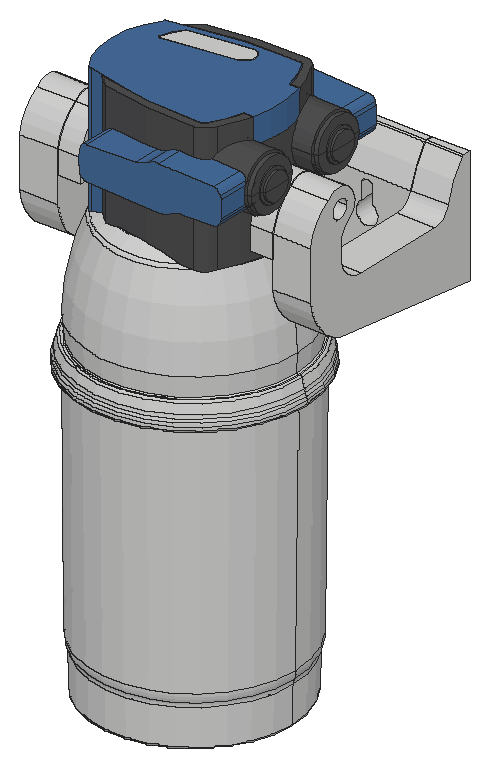
Revit family "QF_Vivreau_PURITY C50 Quell ST", category Specialty Equipment, Revit 2018 (continued)
Definition of nested family "QF_Vivreau_Wall Bracket"
  Forms (in)
    Extrusion 1, solid
      sketch origin (0, 0, 0) x (0, 1, 0) y (0, 0, 1)
        loop
          arc (-2.54186, 43.73564) -> (-2.90112, 43.88445) -> (-3.04993, 44.24372) r 0.50808
          line (-3.04993, 44.24372) -> (-3.04993, 44.48767)
          arc (-3.04993, 44.48767) -> (-3.01891, 44.58793) -> (-2.95631, 44.67218) r 0.31113
          arc (-2.95631, 44.67218) -> (-2.87354, 44.75411) -> (-2.79381, 44.83899) r 3.21432
          arc (-2.79381, 44.83899) -> (-2.73635, 44.93979) -> (-2.7179, 45.05434) r 0.32555
          arc (-2.7179, 45.05434) -> (-2.77627, 45.24708) -> (-2.92668, 45.38098) r 0.37126
          arc (-2.92668, 45.38098) -> (-3.14017, 45.41019) -> (-3.32952, 45.30735) r 0.34587
          arc (-3.32952, 45.30735) -> (-3.60078, 45.03493) -> (-3.74609, 44.67901) r 0.97803
          line (-3.74609, 44.67901) -> (-3.74609, 43.73564)
          arc (-3.74609, 43.73564) -> (-3.52094, 43.20626) -> (-3.04993, 42.87595) r 1.04614
          line (-3.04993, 42.87595) -> (0, 42.48032) -> (0, 44.67901)
        loop
          circle (-3.06236, 45.04297) r 0.17302
      from 0 to 0.71175
    Extrusion 2, solid
      sketch origin (4.77567, 0, 0) x (0, 1, 0) y (0, 0, 1)
        loop
          line (0, 44.67901) -> (-0.13295, 44.67901)
          arc (-0.13295, 44.67901) -> (-0.15231, 44.67159) -> (-0.16772, 44.65773) r 0.05688
          arc (-0.16772, 44.65773) -> (-0.36722, 44.33734) -> (-0.50028, 43.98416) r 1.92285
          arc (-0.50028, 43.98416) -> (-0.61574, 43.80826) -> (-0.81322, 43.73564) r 0.33566
          line (-0.81322, 43.73564) -> (-2.54186, 43.73564)
          arc (-2.54186, 43.73564) -> (-2.90112, 43.88445) -> (-3.04993, 44.24372) r 0.50808
          line (-3.04993, 44.24372) -> (-3.04993, 44.48767)
          arc (-3.04993, 44.48767) -> (-3.01891, 44.58793) -> (-2.95631, 44.67218) r 0.31113
          arc (-2.95631, 44.67218) -> (-2.87354, 44.75411) -> (-2.79381, 44.83899) r 3.21432
          arc (-2.79381, 44.83899) -> (-2.73635, 44.93979) -> (-2.7179, 45.05434) r 0.32555
          arc (-2.7179, 45.05434) -> (-2.77627, 45.24708) -> (-2.92668, 45.38098) r 0.37126
          arc (-2.92668, 45.38098) -> (-3.14017, 45.41019) -> (-3.32952, 45.30735) r 0.34587
          arc (-3.32952, 45.30735) -> (-3.60078, 45.03493) -> (-3.74609, 44.67901) r 0.97803
          line (-3.74609, 44.67901) -> (-3.74609, 43.73564)
          arc (-3.74609, 43.73564) -> (-3.52094, 43.20626) -> (-3.04993, 42.87595) r 1.04614
          line (-3.04993, 42.87595) -> (0, 42.48032) -> (0, 44.67901)
        loop
          circle (-3.06236, 45.04297) r 0.17302
      from 0 to 0.71175
    Extrusion 3, solid
      sketch origin (0, 0, 0) x (0, 1, 0) y (0, 0, 1)
        loop
          line (0, 44.67901) -> (-0.13295, 44.67901)
          arc (-0.13295, 44.67901) -> (-0.15231, 44.67159) -> (-0.16772, 44.65773) r 0.05688
          arc (-0.16772, 44.65773) -> (-0.36722, 44.33734) -> (-0.50028, 43.98416) r 1.92285
          line (-0.50028, 43.98416) -> (-0.50028, 42.54522) -> (0, 42.48032) -> (0, 44.67901)
      from 0.71175 to 4.77567
    Extrusion 4, void
      sketch origin (0, 0, 0) x (1, 0, 0) y (0, 0, 1)
        loop
          arc (1.43554, 43.49468) -> (1.53706, 43.10506) -> (1.64054, 43.49417) r 0.20818
          line (1.64054, 43.49417) -> (1.64054, 43.81781)
          arc (1.64054, 43.81781) -> (1.53804, 43.89288) -> (1.43554, 43.81781) r 0.10752
          line (1.43554, 43.81781) -> (1.43554, 43.49468)
        loop
          arc (3.85556, 43.49468) -> (3.95709, 43.10506) -> (4.06057, 43.49417) r 0.20818
          line (4.06057, 43.49417) -> (4.06057, 43.81781)
          arc (4.06057, 43.81781) -> (3.95806, 43.89288) -> (3.85556, 43.81781) r 0.10752
          line (3.85556, 43.81781) -> (3.85556, 43.49468)
      from 0 to 0.50028
    Extrusion 5, solid
      sketch origin (0, 0, 0) x (0, 1, 0) y (0, 0, 1)
        loop
          arc (-3.32952, 45.30735) -> (-3.60078, 45.03493) -> (-3.74609, 44.67901) r 0.97803
          line (-3.74609, 44.67901) -> (-3.74609, 44.24372) -> (-3.04993, 44.24372) -> (-3.04993, 44.48767)
          arc (-3.04993, 44.48767) -> (-3.01891, 44.58793) -> (-2.95631, 44.67218) r 0.31113
          arc (-2.95631, 44.67218) -> (-2.87354, 44.75411) -> (-2.79381, 44.83899) r 3.21432
          arc (-2.79381, 44.83899) -> (-2.73635, 44.93979) -> (-2.7179, 45.05434) r 0.32555
          arc (-2.7179, 45.05434) -> (-2.77627, 45.24708) -> (-2.92668, 45.38098) r 0.37126
          arc (-2.92668, 45.38098) -> (-3.14017, 45.41019) -> (-3.32952, 45.30735) r 0.34587
      from 0.71175 to 1.13945
    Extrusion 6, solid
      sketch origin (4.34798, 0, 0) x (0, 1, 0) y (0, 0, 1)
        loop
          arc (-3.32952, 45.30735) -> (-3.60078, 45.03493) -> (-3.74609, 44.67901) r 0.97803
          line (-3.74609, 44.67901) -> (-3.74609, 44.24372) -> (-3.04993, 44.24372) -> (-3.04993, 44.48767)
          arc (-3.04993, 44.48767) -> (-3.01891, 44.58793) -> (-2.95631, 44.67218) r 0.31113
          arc (-2.95631, 44.67218) -> (-2.87354, 44.75411) -> (-2.79381, 44.83899) r 3.21432
          arc (-2.79381, 44.83899) -> (-2.73635, 44.93979) -> (-2.7179, 45.05434) r 0.32555
          arc (-2.7179, 45.05434) -> (-2.77627, 45.24708) -> (-2.92668, 45.38098) r 0.37126
          arc (-2.92668, 45.38098) -> (-3.14017, 45.41019) -> (-3.32952, 45.30735) r 0.34587
      from 0 to 0.4277
    Extrusion 7, solid
      sketch origin (0, 0, 0) x (0, 1, 0) y (0, 0, 1)
        loop
          circle (-3.06236, 45.04297) r 0.17302
      from 1.13945 to 1.48618
    Extrusion 8, solid
      sketch origin (2.86179, 0, 0) x (0, 1, 0) y (0, 0, 1)
        loop
          circle (-3.06236, 45.04297) r 0.17302
      from 1.19877 to 1.48618
  Cuts and joins
    Extrusion 4 cuts Extrusion 3
  Lines and regions (in)
    symbolic lines
      curve 1: line (0, -3.23537, 45.04297) -> (0, -2.88934, 45.04297)
      curve 2: line (0.40405, -0.13295, 0) -> (0.40405, 0, 0)
      curve 3: line (0.40405, 0, 0) -> (5.08337, 0, 0)
      curve 4: line (5.08337, -0.13295, 0) -> (5.08337, 0, 0)
      curve 5: line (0.40405, -0.13295, 0) -> (5.08337, -0.13295, 0)
      curve 6: arc (0.40405, -0.13295, 0) -> (0.42218, -0.30656, 0) -> (0.44979, -0.47891, 0) r 3.18691
      curve 7: arc (0.44979, -0.47891, 0) -> (0.44265, -0.54927, 0) -> (0.42407, -0.6175, 0) r 0.42983
      curve 8: arc (0.42407, -0.6175, 0) -> (0.08893, -1.60757, 0) -> (0, -2.64903, 0) r 4.34392
      curve 9: arc (1.01852, -0.51986, 0) -> (0.66155, -1.5729, 0) -> (0.57957, -2.68176, 0) r 4.40598
      curve 10: line (0.39328, -2.68176, 0) -> (1.02034, -2.68176, 0)
      curve 11: line (1.02034, -2.68176, 0) -> (1.02034, -3.68176, 0)
      curve 12: arc (0.39328, -2.68176, 0) -> (0.27454, -2.7648, 0) -> (0.22894, -2.90232, 0) r 0.23018
      curve 13: arc (0.12248, -3.08148, 0) -> (0.15422, -3.06272, 0) -> (0.17635, -3.03322, 0) r 0.09432
      curve 14: arc (0.17635, -3.03322, 0) -> (0.20476, -2.96863, 0) -> (0.22894, -2.90232, 0) r 1.08965
      curve 15: arc (0.12248, -3.08148, 0) -> (0.0982, -3.08363, 0) -> (0.07385, -3.08469, 0) r 0.54642
      curve 16: arc (0.07385, -3.08469, 0) -> (0.04284, -3.05822, 0) -> (0.0293, -3.01977, 0) r 0.07844
      curve 17: arc (0.39328, -2.68176, 0) -> (0.44322, -2.69561, 0) -> (0.47889, -2.7332, 0) r 0.09696
      curve 18: arc (0.47889, -2.7332, 0) -> (0.51971, -2.80727, 0) -> (0.54276, -2.88864, 0) r 0.37227
      curve 19: arc (0.54276, -2.88864, 0) -> (0.55909, -3.03706, 0) -> (0.54276, -3.18547, 0) r 0.68254
      curve 20: arc (0.54276, -3.18547, 0) -> (0.46763, -3.39851, 0) -> (0.34409, -3.58761, 0) r 0.94478
      curve 21: arc (0.34409, -3.58761, 0) -> (0.29471, -3.65131, 0) -> (0.23677, -3.70733, 0) r 0.5646
      curve 22: arc (0.23677, -3.70733, 0) -> (0.20133, -3.72715, 0) -> (0.16121, -3.73335, 0) r 0.11449
      curve 23: arc (0.16121, -3.73335, 0) -> (0.12018, -3.73371, 0) -> (0.07926, -3.73682, 0) r 0.61075
      curve 24: arc (0.07926, -3.73682, 0) -> (0.02221, -3.70198, 0) -> (0, -3.63894, 0) r 0.09968
      curve 25: line (0, -3.63894, 0) -> (0, -2.64903, 0)
      curve 26: arc (0.0293, -3.01977, 0) -> (0.01004, -2.90893, 0) -> (0, -2.79687, 0) r 1.36079
      curve 27: arc (0.07926, -3.73682, 0) -> (0.21195, -3.74363, 0) -> (0.3448, -3.74609, 0) r 4.0609
      curve 28: arc (0.3448, -3.74609, 0) -> (0.65283, -3.73623, 0) -> (0.95923, -3.70313, 0) r 4.07828
      curve 29: arc (0.95923, -3.70313, 0) -> (0.99081, -3.69537, 0) -> (1.02034, -3.68176, 0) r 0.17058
      curve 30: arc (5.08337, -0.13295, 0) -> (5.06524, -0.30656, 0) -> (5.03763, -0.47891, 0) r 3.18691
      curve 31: arc (5.03763, -0.47891, 0) -> (5.04477, -0.54927, 0) -> (5.06335, -0.6175, 0) r 0.42983
      curve 32: arc (5.06335, -0.6175, 0) -> (5.39849, -1.60757, 0) -> (5.48742, -2.64903, 0) r 4.34392
      curve 33: arc (4.4689, -0.51986, 0) -> (4.82587, -1.5729, 0) -> (4.90785, -2.68176, 0) r 4.40598
      curve 34: line (5.09414, -2.68176, 0) -> (4.46708, -2.68176, 0)
      curve 35: line (4.46708, -2.68176, 0) -> (4.46708, -3.68176, 0)
      curve 36: arc (5.09414, -2.68176, 0) -> (5.21288, -2.7648, 0) -> (5.25848, -2.90232, 0) r 0.23018
      curve 37: arc (5.36494, -3.08148, 0) -> (5.3332, -3.06272, 0) -> (5.31108, -3.03322, 0) r 0.09432
      curve 38: arc (5.31108, -3.03322, 0) -> (5.28266, -2.96863, 0) -> (5.25848, -2.90232, 0) r 1.08965
      curve 39: arc (5.36494, -3.08148, 0) -> (5.38922, -3.08363, 0) -> (5.41358, -3.08469, 0) r 0.54642
      curve 40: arc (5.41358, -3.08469, 0) -> (5.44458, -3.05822, 0) -> (5.45812, -3.01977, 0) r 0.07844
      curve 41: arc (5.09414, -2.68176, 0) -> (5.0442, -2.69561, 0) -> (5.00853, -2.7332, 0) r 0.09696
      curve 42: arc (5.00853, -2.7332, 0) -> (4.96771, -2.80727, 0) -> (4.94466, -2.88864, 0) r 0.37227
      curve 43: arc (4.94466, -2.88864, 0) -> (4.92833, -3.03706, 0) -> (4.94466, -3.18547, 0) r 0.68254
      curve 44: arc (4.94466, -3.18547, 0) -> (5.01979, -3.39851, 0) -> (5.14334, -3.58761, 0) r 0.94478
      curve 45: arc (5.14334, -3.58761, 0) -> (5.19271, -3.65131, 0) -> (5.25065, -3.70733, 0) r 0.5646
      curve 46: arc (5.25065, -3.70733, 0) -> (5.28609, -3.72715, 0) -> (5.32621, -3.73335, 0) r 0.11449
      curve 47: arc (5.32621, -3.73335, 0) -> (5.36725, -3.73371, 0) -> (5.40816, -3.73682, 0) r 0.61075
      curve 48: arc (5.40816, -3.73682, 0) -> (5.46521, -3.70198, 0) -> (5.48742, -3.63894, 0) r 0.09968
      curve 49: line (5.48742, -3.63894, 0) -> (5.48742, -2.64903, 0)
      curve 50: arc (5.45812, -3.01977, 0) -> (5.47738, -2.90893, 0) -> (5.48742, -2.79687, 0) r 1.36079
      curve 51: arc (5.40816, -3.73682, 0) -> (5.27547, -3.74363, 0) -> (5.14262, -3.74609, 0) r 4.0609
      curve 52: arc (5.14262, -3.74609, 0) -> (4.8346, -3.73623, 0) -> (4.52819, -3.70313, 0) r 4.07828
      curve 53: arc (4.52819, -3.70313, 0) -> (4.49661, -3.69537, 0) -> (4.46708, -3.68176, 0) r 0.17058
      curve 54: line (1.48618, -2.88934, 0) -> (1.02034, -2.88934, 0)
      curve 55: line (1.48618, -2.88934, 0) -> (1.48618, -3.23537, 0)
      curve 56: line (1.48618, -3.23537, 0) -> (1.02034, -3.23537, 0)
      curve 57: line (4.25061, -2.88934, 0) -> (4.46708, -2.88934, 0)
      curve 58: line (4.25061, -2.88934, 0) -> (4.25061, -3.23537, 0)
      curve 59: line (4.25061, -3.23537, 0) -> (4.46708, -3.23537, 0)
      curve 60: line (1.01852, -0.51986, 0) -> (4.4689, -0.51986, 0)
      curve 61: line (0, 0, 0) -> (5.48742, 0, 0)
  Dimensions and locks (in)
    "Depth": plane 4 "FRONT" to plane 1 "BACK"
    equal spacing: plane 4 "FRONT", plane 5 "Center (Front/Back)", plane 1 "BACK"
    locked: plane 3 "LEFT" to plane 7 "RIGHT" at 5.48742
    equal spacing: plane 3 "LEFT", plane 8 "Center (Left/Right)", plane 7 "RIGHT"
    "Mounting Height": plane 13 "Center F/H" to plane 2 "REF. LAYER"
    plane 10 "Center F/D" to plane 9 "Center F/C" to plane 11 "Center F/E" to plane 12 "Center F/F" to plane 6 "Center (Bottom/Top)" to plane 13 "Center F/H" = 0' - 0.36597" locked, 0' - 0.36396" locked, 0' - 0.94337" locked, 0' - 1.25532" locked, 0' - 6.48032" locked
    aligned and locked: level to plane 2 "REF. LAYER"
    aligned and locked: plane 11 "Center F/E" to Extrusion 1 sketch curve
    aligned and locked: plane 1 "BACK" to Extrusion 1 sketch curve
    aligned and locked: plane 12 "Center F/F" to Extrusion 1 sketch curve
    aligned and locked: Extrusion 1 sketch curve to plane 12 "Center F/F"
    aligned and locked: plane 4 "FRONT" to Extrusion 1 sketch curve
    aligned and locked: plane 3 "LEFT" to curve 61
    aligned and locked: plane 7 "RIGHT" to curve 61
    aligned and locked: curve 61 to plane 2 "REF. LAYER"
    aligned and locked: Extrusion 5 to Extrusion 1
    aligned and locked: Extrusion 6 to Extrusion 2
  Automatic sketch dimensions
    curve 1 to plane 9 "Center F/C" = 0' - 0"
    curve 1 to plane 4 "FRONT" = 0' - 0.51072"
    curve 1 to curve 1 = 0' - 0.34603"
    Extrusion 1 sketch curve to plane 9 "Center F/C" = 0' - 0"
    Extrusion 1 sketch curve to plane 6 "Center (Bottom/Top)" = 0' - 0"
    Extrusion 1 sketch curve to plane 12 "Center F/F" = 0' - 0"
    Extrusion 1 sketch curve to plane 11 "Center F/E" = 0' - 0"
    plane 4 "FRONT" to Extrusion 1 sketch curve = 0' - 1.42987"
    plane 9 "Center F/C" to Extrusion 1 sketch curve = 0' - 0.00416"
    Extrusion 1 sketch curve to plane 4 "FRONT" = 0' - 0.657"
    Extrusion 1 sketch curve to Extrusion 1 sketch curve = 0' - 0.01111"
    Extrusion 1 sketch curve to Extrusion 1 sketch curve = 0' - 0.02674"
    Extrusion 1 sketch curve to plane 11 "Center F/E" = 0' - 0.19134"
    Extrusion 1 sketch curve to Extrusion 1 sketch curve = 0' - 0.01242"
    plane 6 "Center (Bottom/Top)" to Extrusion 1 sketch curve = 0' - 0.39563"
    Extrusion 1 sketch curve to plane 4 "FRONT" = 0' - 0.69616"
    Extrusion 1 sketch curve to Extrusion 1 sketch curve = 0' - 0.01897"
    Extrusion 1 sketch curve to Extrusion 1 sketch curve = 0' - 0.26431"
    Extrusion 1 sketch curve to Extrusion 1 sketch curve = 0' - 0.04417"
    plane 12 "Center F/F" to Extrusion 1 sketch curve = 0' - 0.12897"
    Extrusion 1 sketch curve to Extrusion 1 sketch curve = 0' - 0.1996"
    plane 1 "BACK" to Extrusion 1 sketch curve = 0' - 0.82448"
    Extrusion 1 sketch curve to Extrusion 1 sketch curve = 0' - 0.01126"
    plane 1 "BACK" to Extrusion 1 sketch curve = 0' - 0.13295"
    Extrusion 1 sketch curve to Extrusion 1 sketch curve = 0' - 0.01033"
    Extrusion 1 sketch curve to plane 12 "Center F/F" = 0' - 0.24956"
    Extrusion 1 sketch curve to plane 1 "BACK" = 0' - 1.35693"
    plane 12 "Center F/F" to Extrusion 1 sketch curve = 0' - 0.33547"
    Extrusion 1 sketch curve to plane 11 "Center F/E" = 0' - 0.23186"
    Extrusion 1 sketch curve to Extrusion 1 sketch curve = 0' - 0.04736"
    Extrusion 1 sketch curve to plane 11 "Center F/E" = 0' - 0.05594"
    plane 9 "Center F/C" to Extrusion 1 sketch curve = 0' - 0.00505"
    Extrusion 1 sketch curve to Extrusion 1 sketch curve = 0' - 0.02283"
    Extrusion 1 sketch curve to plane 10 "Center F/D" = 0' - 0.10159"
    Extrusion 1 sketch curve to Extrusion 1 sketch curve = 0' - 0"  (x3)
    plane 11 "Center F/E" to Extrusion 1 sketch curve = 0' - 0.15998"
    Extrusion 2 sketch curve to plane 4 "FRONT" = 0' - 0"
    Extrusion 2 sketch curve to plane 9 "Center F/C" = 0' - 0"
    Extrusion 2 sketch curve to plane 12 "Center F/F" = 0' - 0"  (x2)
    Extrusion 2 sketch curve to plane 11 "Center F/E" = 0' - 0"  (x2)
    Extrusion 2 sketch curve to plane 1 "BACK" = 0' - 0"
    Extrusion 2 sketch curve to plane 6 "Center (Bottom/Top)" = 0' - 0"
    plane 4 "FRONT" to Extrusion 2 sketch curve = 0' - 1.42987"
    plane 9 "Center F/C" to Extrusion 2 sketch curve = 0' - 0.00416"
    Extrusion 2 sketch curve to plane 4 "FRONT" = 0' - 0.657"
    Extrusion 2 sketch curve to Extrusion 2 sketch curve = 0' - 0.01111"
    Extrusion 2 sketch curve to Extrusion 2 sketch curve = 0' - 0.02674"
    Extrusion 2 sketch curve to plane 11 "Center F/E" = 0' - 0.19134"
    Extrusion 2 sketch curve to Extrusion 2 sketch curve = 0' - 0.01242"
    plane 6 "Center (Bottom/Top)" to Extrusion 2 sketch curve = 0' - 0.39563"
    Extrusion 2 sketch curve to plane 4 "FRONT" = 0' - 0.69616"
    Extrusion 2 sketch curve to Extrusion 2 sketch curve = 0' - 0.01897"
    Extrusion 2 sketch curve to Extrusion 2 sketch curve = 0' - 0.26431"
    Extrusion 2 sketch curve to Extrusion 2 sketch curve = 0' - 0.04417"
    plane 12 "Center F/F" to Extrusion 2 sketch curve = 0' - 0.12897"
    Extrusion 2 sketch curve to Extrusion 2 sketch curve = 0' - 0.1996"
    plane 1 "BACK" to Extrusion 2 sketch curve = 0' - 0.82448"
    Extrusion 2 sketch curve to Extrusion 2 sketch curve = 0' - 0.01126"
    plane 1 "BACK" to Extrusion 2 sketch curve = 0' - 0.13295"
    Extrusion 2 sketch curve to Extrusion 2 sketch curve = 0' - 0.01033"
    Extrusion 2 sketch curve to plane 12 "Center F/F" = 0' - 0.24956"
    Extrusion 2 sketch curve to plane 1 "BACK" = 0' - 1.35693"
    plane 12 "Center F/F" to Extrusion 2 sketch curve = 0' - 0.33547"
    Extrusion 2 sketch curve to plane 11 "Center F/E" = 0' - 0.23186"
    Extrusion 2 sketch curve to Extrusion 2 sketch curve = 0' - 0.04736"
    Extrusion 2 sketch curve to plane 11 "Center F/E" = 0' - 0.05594"
    plane 9 "Center F/C" to Extrusion 2 sketch curve = 0' - 0.00505"
    Extrusion 2 sketch curve to Extrusion 2 sketch curve = 0' - 0.02283"
    Extrusion 2 sketch curve to plane 10 "Center F/D" = 0' - 0.10159"
    Extrusion 2 sketch curve to Extrusion 2 sketch curve = 0' - 0"  (x3)
    plane 11 "Center F/E" to Extrusion 2 sketch curve = 0' - 0.15998"
    Extrusion 3 sketch curve to plane 11 "Center F/E" = 0' - 0"
    Extrusion 3 sketch curve to plane 1 "BACK" = 0' - 0"
    Extrusion 3 sketch curve to plane 6 "Center (Bottom/Top)" = 0' - 0"
    Extrusion 3 sketch curve to plane 11 "Center F/E" = 0' - 0.05594"
    plane 1 "BACK" to Extrusion 3 sketch curve = 0' - 0.12262"
    Extrusion 3 sketch curve to Extrusion 3 sketch curve = 0' - 0.01033"
    plane 6 "Center (Bottom/Top)" to Extrusion 3 sketch curve = 0' - 0.0649"
    plane 1 "BACK" to Extrusion 3 sketch curve = 0' - 0.50028"
    Extrusion 3 sketch curve to plane 12 "Center F/F" = 0' - 0.24956"
    Extrusion 3 sketch curve to plane 1 "BACK" = 0' - 1.35693"
    plane 12 "Center F/F" to Extrusion 3 sketch curve = 0' - 0.24852"
    plane 12 "Center F/F" to Extrusion 4 sketch curve = 0' - 0.08217"  (x2)
    Extrusion 4 sketch curve to plane 8 "Center (Left/Right)" = 0' - 1.30818"
    Extrusion 4 sketch curve to Extrusion 4 sketch curve = 0' - 0.10205"  (x2)
    plane 12 "Center F/F" to Extrusion 4 sketch curve = 0' - 0.04972"  (x2)
    Extrusion 4 sketch curve to Extrusion 4 sketch curve = 0' - 0.1025"  (x2)
    Extrusion 4 sketch curve to Extrusion 4 sketch curve = 0' - 0.205"  (x2)
    Extrusion 4 sketch curve to plane 12 "Center F/F" = 0' - 0.24096"
    plane 8 "Center (Left/Right)" to Extrusion 4 sketch curve = 0' - 1.11185"
    Extrusion 4 sketch curve to plane 12 "Center F/F" = 0' - 0.24147"
    Extrusion 4 sketch curve to Extrusion 4 sketch curve = 0' - 0.00051"
    Extrusion 4 sketch curve to Extrusion 4 sketch curve = 0' - 0.18093"
    Extrusion 5 sketch curve to plane 4 "FRONT" = 0' - 0"
    Extrusion 5 sketch curve to plane 11 "Center F/E" = 0' - 0"
    plane 4 "FRONT" to Extrusion 5 sketch curve = 0' - 1.42987"
    plane 9 "Center F/C" to Extrusion 5 sketch curve = 0' - 0.00416"
    Extrusion 5 sketch curve to plane 4 "FRONT" = 0' - 0.657"
    Extrusion 5 sketch curve to Extrusion 5 sketch curve = 0' - 0.01111"
    Extrusion 5 sketch curve to plane 4 "FRONT" = 0' - 0.69616"
    Extrusion 5 sketch curve to Extrusion 5 sketch curve = 0' - 0.0346"
    Extrusion 5 sketch curve to Extrusion 5 sketch curve = 0' - 0.26431"
    Extrusion 5 sketch curve to Extrusion 5 sketch curve = 0' - 0.04417"
    Extrusion 5 sketch curve to plane 11 "Center F/E" = 0' - 0.1845"
    Extrusion 5 sketch curve to plane 11 "Center F/E" = 0' - 0.19134"
    Extrusion 5 sketch curve to Extrusion 5 sketch curve = 0' - 0.04736"
    Extrusion 5 sketch curve to Extrusion 5 sketch curve = 0' - 0.43529"
    plane 9 "Center F/C" to Extrusion 5 sketch curve = 0' - 0.00505"
    Extrusion 5 sketch curve to Extrusion 5 sketch curve = 0' - 0.02283"
    Extrusion 5 sketch curve to plane 10 "Center F/D" = 0' - 0.10159"
    Extrusion 5 sketch curve to Extrusion 5 sketch curve = 0' - 0"  (x2)
    plane 11 "Center F/E" to Extrusion 5 sketch curve = 0' - 0.15998"
    Extrusion 6 sketch curve to plane 4 "FRONT" = 0' - 0"
    Extrusion 6 sketch curve to plane 11 "Center F/E" = 0' - 0"
    plane 4 "FRONT" to Extrusion 6 sketch curve = 0' - 1.42987"
    plane 9 "Center F/C" to Extrusion 6 sketch curve = 0' - 0.00416"
    Extrusion 6 sketch curve to plane 4 "FRONT" = 0' - 0.657"
    Extrusion 6 sketch curve to Extrusion 6 sketch curve = 0' - 0.01111"
    Extrusion 6 sketch curve to plane 4 "FRONT" = 0' - 0.69616"
    Extrusion 6 sketch curve to Extrusion 6 sketch curve = 0' - 0.0346"
    Extrusion 6 sketch curve to Extrusion 6 sketch curve = 0' - 0.26431"
    Extrusion 6 sketch curve to Extrusion 6 sketch curve = 0' - 0.04417"
    Extrusion 6 sketch curve to plane 11 "Center F/E" = 0' - 0.1845"
    Extrusion 6 sketch curve to plane 11 "Center F/E" = 0' - 0.19134"
    Extrusion 6 sketch curve to Extrusion 6 sketch curve = 0' - 0.04736"
    Extrusion 6 sketch curve to Extrusion 6 sketch curve = 0' - 0.43529"
    plane 9 "Center F/C" to Extrusion 6 sketch curve = 0' - 0.00505"
    Extrusion 6 sketch curve to Extrusion 6 sketch curve = 0' - 0.02283"
    Extrusion 6 sketch curve to plane 10 "Center F/D" = 0' - 0.10159"
    Extrusion 6 sketch curve to Extrusion 6 sketch curve = 0' - 0"  (x2)
    plane 11 "Center F/E" to Extrusion 6 sketch curve = 0' - 0.15998"
    Extrusion 7 sketch curve to plane 9 "Center F/C" = 0' - 0"
    Extrusion 7 sketch curve to plane 4 "FRONT" = 0' - 0.68374"
    Extrusion 8 sketch curve to plane 9 "Center F/C" = 0' - 0"
    Extrusion 8 sketch curve to plane 4 "FRONT" = 0' - 0.68374"
    curve 26 to plane 3 "LEFT" = 0' - 0"
    plane 4 "FRONT" to curve 27 = 0' - 0"
    plane 1 "BACK" to curve 2 = 0' - 0"
    plane 4 "FRONT" to curve 51 = 0' - 0"
    curve 48 to plane 7 "RIGHT" = 0' - 0"
    curve 19 to plane 3 "LEFT" = 0' - 0.12345"
    curve 21 to plane 3 "LEFT" = 0' - 0.12571"
    curve 20 to curve 19 = 0' - 0.25597"
    curve 14 to curve 20 = 0' - 0.42691"
    plane 3 "LEFT" to curve 7 = 0' - 0.02004"
    plane 3 "LEFT" to curve 15 = 0' - 0.06218"
    plane 3 "LEFT" to curve 13 = 0' - 0.09129"
    plane 3 "LEFT" to curve 24 = 0' - 0.09968"
    curve 13 to curve 16 = 0' - 0.01623"
    plane 3 "LEFT" to curve 23 = 0' - 0.146"
    curve 24 to curve 22 = 0' - 0.06438"
    curve 16 to curve 18 = 0' - 0.06786"
    plane 3 "LEFT" to curve 27 = 0' - 0.35368"
    curve 27 to curve 28 = 0' - 0.01466"
    curve 18 to curve 10 = 0' - 0.2179"
    plane 1 "BACK" to curve 5 = 0' - 0.13295"
    plane 3 "LEFT" to curve 5 = 0' - 0.40405"
    curve 17 to curve 12 = 0' - 0.06584"
    curve 12 to curve 33 = 0' - 0.11471"
    curve 29 to plane 4 "FRONT" = 0' - 0.21174"
    curve 22 to curve 29 = 0' - 0.77045"
    curve 33 to curve 11 = 0' - 0.51235"
    curve 10 to curve 32 = 0' - 0.12589"
    curve 32 to curve 26 = 0' - 0.213"
    curve 26 to curve 54 = 0' - 0.12696"
    curve 30 to plane 1 "BACK" = 0' - 0.11117"
    curve 30 to plane 8 "Center (Left/Right)" = 0' - 0.83788"
    curve 6 to plane 1 "BACK" = 0' - 0.11117"
    plane 8 "Center (Left/Right)" to curve 6 = 0' - 0.83788"
    curve 50 to plane 7 "RIGHT" = 0' - 1.35923"
    curve 50 to curve 57 = 0' - 0.12241"
    curve 50 to curve 8 = 0' - 0.213"
    curve 8 to curve 34 = 0' - 0.12589"
    curve 35 to curve 53 = 0' - 0.08583"
    curve 9 to plane 7 "RIGHT" = 0' - 0.50799"
    curve 9 to curve 36 = 0' - 0.04887"
    curve 5 to plane 7 "RIGHT" = 0' - 0.40405"
    curve 36 to curve 34 = 0' - 0.06584"
    curve 3 to curve 52 = 0' - 0.03571"
    curve 52 to curve 51 = 0' - 0.01466"
    curve 42 to plane 7 "RIGHT" = 0' - 0.17538"
    curve 46 to plane 7 "RIGHT" = 0' - 0 21/128"
    curve 47 to plane 7 "RIGHT" = 0' - 0.146"
    curve 42 to curve 40 = 0' - 0.06786"
    curve 46 to curve 48 = 0' - 0.06438"
    curve 40 to curve 37 = 0' - 0.01623"
    curve 39 to plane 7 "RIGHT" = 0' - 0.06218"
    curve 31 to plane 7 "RIGHT" = 0' - 0.02004"
    plane 7 "RIGHT" to curve 43 = 0' - 0.12345"
    plane 7 "RIGHT" to curve 45 = 0' - 0.12571"
    curve 43 to curve 44 = 0' - 0.25597"
    curve 44 to curve 38 = 0' - 0.42691"
    plane 4 "FRONT" to curve 47 = 0' - 0.59782"
    plane 4 "FRONT" to curve 23 = 0' - 0.59782"
    curve 11 to plane 4 "FRONT" = 0' - 0.06433"
    curve 35 to plane 4 "FRONT" = 0' - 0.06433"
    curve 52 to curve 48 = 0' - 0.10684"
    curve 28 to curve 24 = 0' - 0.10684"
    curve 24 to curve 25 = 0' - 0.00031"
    curve 48 to curve 49 = 0' - 0.00031"
    curve 48 to curve 46 = 0' - 0.02035"
    curve 24 to curve 22 = 0' - 0.02035"
    curve 35 to curve 53 = 0' - 0.14741"
    curve 25 to curve 21 = 0' - 0.36448"
    curve 49 to curve 45 = 0' - 0.36448"
    curve 56 to plane 4 "FRONT" = 0' - 0.51072"
    curve 53 to curve 58 = 0' - 0.29898"
    curve 21 to curve 19 = 0' - 0.23741"
    curve 45 to curve 43 = 0' - 0.23741"
    curve 19 to curve 16 = 0' - 0.02321"
    curve 43 to curve 40 = 0' - 0.02321"
    curve 16 to curve 13 = 0' - 0.02138"
    curve 40 to curve 37 = 0' - 0.02138"
    curve 19 to curve 20 = 0' - 0.05702"
    curve 43 to curve 44 = 0' - 0.05702"
    curve 40 to curve 42 = 0' - 0.06509"
    curve 16 to curve 18 = 0' - 0.06509"
    curve 18 to curve 12 = 0' - 0.04643"
    curve 42 to curve 36 = 0' - 0.04643"
    curve 58 to curve 57 = 0' - 0.34603"
    curve 55 to curve 54 = 0' - 0.34603"
    curve 36 to curve 41 = 0' - 0.12361"
    curve 12 to curve 17 = 0' - 0.12361"
    curve 57 to curve 50 = 0' - 0.15777"
    curve 54 to curve 26 = 0' - 0.15777"
    curve 54 to curve 11 = 0' - 0.20758"
    curve 57 to curve 34 = 0' - 0.20758"
    curve 12 to curve 25 = 0' - 0.25329"
    curve 36 to curve 49 = 0' - 0.25329"
    curve 20 to curve 14 = 0' - 0.41766"
    curve 44 to curve 38 = 0' - 0.41766"
    curve 8 to curve 15 = 0' - 0.11064"
    curve 32 to curve 39 = 0' - 0.11064"
    curve 34 to curve 8 = 0' - 0.18655"
    curve 10 to curve 32 = 0' - 0.18655"
    curve 9 to curve 33 = 0' - 0.23217"
    curve 33 to curve 9 = 0' - 0.23217"
    plane 1 "BACK" to curve 31 = 0' - 0.47084"
    plane 1 "BACK" to curve 7 = 0' - 0.47084"
    curve 51 to plane 1 "BACK" = 0' - 0.31479"
    curve 27 to plane 1 "BACK" = 0' - 0.31479"
    curve 51 to curve 52 = 0' - 0.01732"
    curve 27 to curve 28 = 0' - 0.01732"
    plane 3 "LEFT" to curve 26 = 0' - 0.0293"
    plane 3 "LEFT" to curve 16 = 0' - 0.07385"
    curve 27 to curve 24 = 0' - 0.02042"
    curve 16 to curve 13 = 0' - 0.04863"
    curve 22 to curve 23 = 0' - 0"
    curve 13 to curve 14 = 0' - 0"
    curve 21 to plane 4 "FRONT" = 0' - 0.03876"
    curve 20 to plane 4 "FRONT" = 0' - 0.15848"
    plane 3 "LEFT" to curve 8 = 0' - 0.42407"
    curve 17 to curve 17 = 0' - 0.08561"
    curve 19 to curve 20 = 0' - 0"
    curve 18 to curve 9 = 0' - 0.10068"
    plane 1 "BACK" to curve 9 = 0' - 0.51986"
    curve 52 to curve 53 = 0' - 0"
    curve 33 to curve 36 = 0' - 0.18629"
    curve 42 to curve 36 = 0' - 0.08364"
    curve 43 to curve 36 = 0' - 0.08364"
    curve 44 to curve 43 = 0' - 0"
    curve 31 to curve 4 = 0' - 0.04574"
    curve 45 to plane 4 "FRONT" = 0' - 0.15848"
    curve 46 to plane 4 "FRONT" = 0' - 0.03876"
    curve 37 to curve 38 = 0' - 0"
    curve 37 to curve 40 = 0' - 0.01496"
    curve 39 to curve 39 = 0' - 0.04863"
    curve 50 to plane 7 "RIGHT" = 0' - 0.0293"
    plane 10 "Center F/D" to Extrusion 1 sketch curve = 0' - 1.5881"
    plane 10 "Center F/D" to Extrusion 2 sketch curve = 0' - 1.5881"
    plane 10 "Center F/D" to Extrusion 5 sketch curve = 0' - 1.5881"
    plane 10 "Center F/D" to Extrusion 6 sketch curve = 0' - 1.5881"
    radius of Extrusion 1 sketch curve = 0' - 0.17302"
    radius of Extrusion 2 sketch curve = 0' - 0.17302"
    radius of Extrusion 7 sketch curve = 0' - 0.17302"
    radius of Extrusion 8 sketch curve = 0' - 0.17302"
